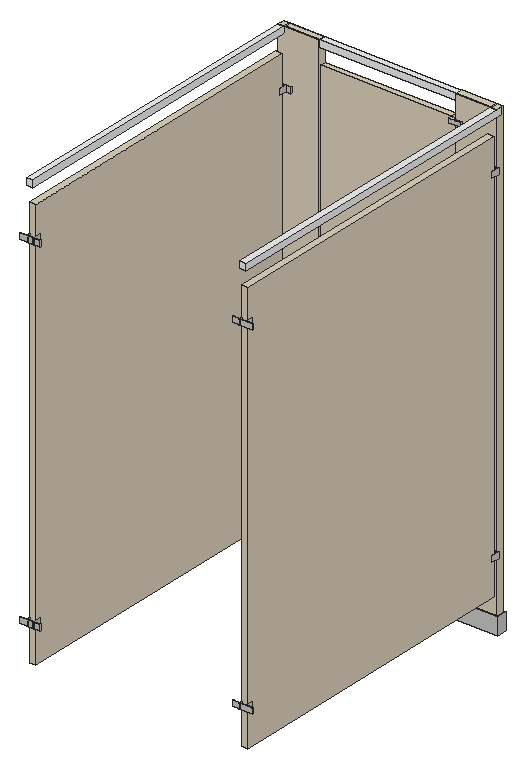
Revit family
Parameters (values of type "As Specified in 10 21 00")
  topoffset = 0' - 0 1/4"
  strkhdwr [instance] = not(or((End Panel_Strike Side), (Terminates at Wall_Strike Side)))  # no
  hngpnlconstrain [instance] = if((Terminates at Wall_Hinge Side), (Front Panel Width_Hinge Side - Reveal Clearance), (if((End Panel_Hinge Side), (Front Panel Width_Hinge Side + Panel Thickness + 0' 0 1/8"), (Front Panel Width_Hinge Side))))  # 0' - 7 1/8"
  hngpnl2 [instance] = if((Terminates at Wall_Strike Side), (Panel Thickness - Reveal Clearance - 0' 0 1/8"), (if((End Panel_Strike Side), (Panel Thickness + 0' 0 1/8"), (Panel Thickness))))  # 0' - 1 1/8"
  capoffset = 0' - 0 1/4"
  Warranty Duration (Years) = 0
  URL = "http://www.hadrian-inc.com"
  Type Comments = "Toilet Partition"
  Terminates at Wall_Strike Side [instance] = no
  Terminates at Wall_Hinge Side [instance] = no
  Stile Thickness = 0' - 1 1/4"
  Stall Width = 3' - 0"
  Stall Depth = 4' - 8"
  Return Rail - Strike Side [instance] = yes
  Return Rail - Hinge Side [instance] = yes
  Railthk = Stile Thickness - 0' 0 1/8"  # 0' - 1 1/8"
  Pilaster Height = 6' - 10"
  Panel Thickness = 0' - 1"
  Outswing [instance] = not(Inswing)  # no
  Inswing [instance] = yes
  Hinge Type [instance] = Hinge : Concealed
  Headrail Material = Aluminum - Extruded - Satin Anodized Finish
  Green Building-LEED = "http://www.arcat.com/green/clients/leed_data_32921.html"
  End Panel_Strike Side [instance] = not(Terminates at Wall_Strike Side)  # yes
  Front Panel Width_Strike Side = 0' - 6"
  Specification = "http://www.arcat.com/sd/clients/hadrian.html?coid=32921"
  SpecWizard = "http://www.arcat.com/specwizard/10160had/index.htm?mf=&coid=32921"
  Send Message = "http://www.arcat.com/users.pl?action=UserEmail&company=Hadrian%20Inc.&coid=32921&rep=119&fax=440-942-9618&mf="
  Sales Information = "http://www.hadrian-inc.com/salesagentlocator.aspx"
  Revision = "R1_12/2009"
  Reveal Clearance = 0' - 0 1/2"
  Product Properties = "http://www.arcat.com/bim/bim_info.pl?fn=Toilet-Partition_Hadrian_Headrail-Braced"
  Product Data = "http://www.arcat.com/arcatcos/cos32/arc32921.html"
  Panel Material [instance] = Solid Plastic - Color as Specified
  Model = "As Specified in 10 21 00"
  Manufacturer Website = "http://www.hadrian-inc.com"
  Manufacturer Phone = "440-942-9118"
  Manufacturer Fax = "440-942-9618"
  Manufacturer Address = "7420 Clover Ave.; Mentor, OH 44060\r\n"
  Manufacturer = "Hadrian Inc."
  Maintenance Schedule (Months) = 0
  Keynote = "10 21 00"
  Installation-Fabrication = "http://www.hadrian-inc.com/Common/downloads/pdfs/HeadrailStandard.pdf"
  Installation Phase = ""
  End Panel_Hinge Side [instance] = yes
  Front Panel Width_Hinge Side = Stall Width - Door Width - Front Panel Width_Strike Side  # 0' - 6"
  Hardware Finish [instance] = Stainless Steel - Type 304 #4 Brushed Finish
  Expected Lifespan (Years) = 0
  Drawn By = "Robert S. Weygant, CSI, CDT, SCIP"  # constant formula
  Door Width = 2' - 0"
  Door Thickness = 0' - 1"
  Door Height = 6' - 0"
  Distance from Floor to Panel = 0' - 6"
  Copyright = "2009, ARCAT, Inc."  # constant formula
  Description = "As Specified in 10 21 00"
  Construction Details = "http://www.arcat.com/details/hadrian/hadrian.html?coid=32921"
  Brackets_Vertical = 2
  Assembly Code = "C1010400"
Reference planes (in)
  plane 1: y = 26.56271
  plane 2 "Center (Left/Right)": x = 26.6528
  plane 3 "Left": x = 44.6528
  plane 4: x = 8.6528
  plane 5: y = 83.81271
  plane 6 "Back": y = 29.06271
  plane 7 "Right": x = 7.6528
  plane 8 "Front": y = 85.06271
  plane 9 "Bottom of panel": z = 6
  plane 10 "Top of panel": z = 78
  plane 11: x = 14.6528
  plane 12: x = 38.6528
  plane 13 "Top": z = 82
  plane 14 "Bottom Bracket": z = 12
  plane 15 "Top Bracket": z = 72
  plane 16 "Top Hinge": z = 74.75
  plane 17: y = 83.31271
  plane 18: y = 29.56271
  plane 19: z = 0
  plane 20: x = 7.5278
Forms (in)
  Extrusion 1, solid, material "Solid Plastic - Color as Specified" <- "Panel Material"
    sketch origin (0, 0, 0) x (1, 0, 0) y (0, 1, 0)
      loop
        line (7.5278, 85.06271) -> (7.5278, 83.81271) -> (14.6528, 83.81271) -> (14.6528, 85.06271) -> (7.5278, 85.06271)
    from 0 to 82
  Extrusion 2, solid, material "Stainless Steel - Type 304 #4 Brushed Finish" <- "Hardware Finish", detail levels medium+fine
    sketch origin (0, 85.06271, 0) x (-1, 0, 0) y (0, 0, 1)
      loop
        line (-13.1528, 33.97704) -> (-13.1528, 36.02296) -> (-15.6528, 36.02296) -> (-15.6528, 33.97704) -> (-13.1528, 33.97704)
    from 0 to 0.25
  Extrusion 3, solid, material "Solid Plastic - Color as Specified" <- "Panel Material"
    sketch origin (0, 0, 0) x (1, 0, 0) y (0, 1, 0)
      loop
        line (38.6528, 85.06271) -> (38.6528, 83.81271) -> (45.7778, 83.81271) -> (45.7778, 85.06271) -> (38.6528, 85.06271)
    from 0 to 82
  Extrusion 4, solid, material "Solid Plastic - Color as Specified" <- "Panel Material", visible <- "End Panel_Hinge Side"
    sketch origin (0, 0, 0) x (1, 0, 0) y (0, 1, 0)
      loop
        line (44.6528, 29.56271) -> (45.6528, 29.56271) -> (45.6528, 83.31271) -> (44.6528, 83.31271) -> (44.6528, 29.56271)
    from 6 to 78
  Extrusion 5, solid, material "Solid Plastic - Color as Specified" <- "Panel Material", visible <- "End Panel_Strike Side"
    sketch origin (0, 0, 0) x (1, 0, 0) y (0, 1, 0)
      loop
        line (7.6528, 29.56271) -> (8.6528, 29.56271) -> (8.6528, 83.31271) -> (7.6528, 83.31271) -> (7.6528, 29.56271)
    from 6 to 78
  Extrusion 6, solid, material "Solid Plastic - Color as Specified" <- "Panel Material"
    sketch origin (0, 85.06271, 0) x (-1, 0, 0) y (0, 0, 1)
      loop
        line (-38.4028, 6) -> (-14.9028, 6) -> (-14.9028, 78) -> (-38.4028, 78) -> (-38.4028, 6)
    from -1 to 0
  Extrusion 7, solid, material "Stainless Steel - Type 304 #4 Brushed Finish" <- "Hardware Finish", detail levels fine
    sketch origin (0, 85.06271, 78) x (-1, 0, 0) y (0, 0, 1)
      loop
        line (-14.9028, -78) -> (-7.2778, -78) -> (-7.2778, -75) -> (-14.9028, -75) -> (-14.9028, -78)
    from -1.49768 to 0.24505
  Extrusion 8, solid, material "Stainless Steel - Type 304 #4 Brushed Finish" <- "Hardware Finish", detail levels fine
    sketch origin (0, 85.06271, 79) x (-1, 0, 0) y (0, 0, 1)
      loop
        line (-46.0278, -79) -> (-38.4028, -79) -> (-38.4028, -76) -> (-46.0278, -76) -> (-46.0278, -79)
    from -1.49944 to 0.25923
  Extrusion 9, solid, material "Aluminum - Extruded - Satin Anodized Finish" <- "Headrail Material", detail levels fine
    sketch origin (26.6528, 0, -1.75) x (0, -1, 0) y (0, 0, 1)
      loop
        line (-85.00021, 82.625) -> (-83.87521, 82.625) -> (-83.87521, 83.75) -> (-85.00021, 83.75) -> (-85.00021, 82.625)
    from -18 to 18
  Extrusion 10, solid, material "Aluminum - Extruded - Satin Anodized Finish" <- "Headrail Material", visible <- "Return Rail - Strike Side", detail levels fine
    sketch origin (0, 85.06271, 0) x (-1, 0, 0) y (0, 0, 1)
      loop
        line (-8.6528, 80.875) -> (-7.5278, 80.875) -> (-7.5278, 82) -> (-8.6528, 82) -> (-8.6528, 80.875)
    from -56 to -0.3724
  Extrusion 11, solid, material "Aluminum - Extruded - Satin Anodized Finish" <- "Headrail Material", visible <- "Return Rail - Hinge Side", detail levels fine
    sketch origin (53.3056, 85.06271, 0) x (1, 0, 0) y (0, 0, -1)
      loop
        line (-8.6528, -80.875) -> (-8.6528, -82) -> (-7.5278, -82) -> (-7.5278, -80.875) -> (-8.6528, -80.875)
    from -56 to -0.3724
Lines and regions (in)
  symbolic lines
    curve 1: line (38.6528, 0, 78) -> (14.6528, 0, 42)
    curve 2: line (14.6528, 0, 42) -> (38.6528, 0, 6)
    curve 3: line (8.6528, 29.06271, 0) -> (7.6528, 29.06271, 0)
  symbolic lines, visible <- "Inswing"
    curve 4: line (38.6528, 83.81271, 0) -> (38.6528, 59.81271, 0)
    curve 5: line (38.6528, 59.81271, 0) -> (37.6528, 59.81271, 0)
    curve 6: line (37.6528, 59.81271, 0) -> (37.6528, 83.81271, 0)
    curve 7: line (37.6528, 83.81271, 0) -> (38.6528, 83.81271, 0)
  symbolic lines, style "Toilet Accessories-Dashed", visible <- "Inswing"
    curve 8: arc (14.6528, 83.81271, 0) -> (21.68224, 66.84214, 0) -> (38.6528, 59.81271, 0) r 24
  symbolic lines, visible <- "Outswing"
    curve 9: line (38.6528, 85.06271, 0) -> (38.6528, 109.06271, 0)
    curve 10: line (38.6528, 109.06271, 0) -> (37.6528, 109.06271, 0)
    curve 11: line (37.6528, 109.06271, 0) -> (37.6528, 85.06271, 0)
    curve 12: line (37.6528, 85.06271, 0) -> (38.6528, 85.06271, 0)
  symbolic lines, style "Toilet Accessories-Dashed", visible <- "Outswing"
    curve 13: arc (14.6528, 85.06271, 0) -> (21.68224, 102.03327, 0) -> (38.6528, 109.06271, 0) r 24
Text (in)
  text "Placement Side" at (0, 40.15149, 123.01588), in view "Right"
  text "Placement Side" at (-71.13158, 43.3951, 0), in view "Floor Line"
  text "Placement Side" at (0, 65.23256, 117.93067), in view "Left"
Dimensions and locks (in)
  "Stall Width": plane 4 to plane 3 "Left"
  "Door Height": plane 9 "Bottom of panel" to plane 10 "Top of panel"
  "Distance from Floor to Panel": host wall to plane 9 "Bottom of panel"
  equal spacing: plane 9 "Bottom of panel", curve 2, plane 10 "Top of panel"
  "Pilaster Height": level to plane 13 "Top"
  "Panel Thickness": plane 7 "Right" to plane 4
  "Panel Thickness": plane 3 "Left" to Extrusion 4 sketch curve
  locked: plane 12 to Extrusion 6 sketch curve at 0.25
  locked: plane 11 to Extrusion 6 sketch curve at 0.25
  locked: Extrusion 2 sketch curve to plane 11 at 1.5
  "Front Panel Width_Hinge Side": plane 12 to plane 3 "Left"
  "Door Width": plane 11 to plane 12
  locked: Extrusion 7 sketch curve to plane 11 at 0.25
  locked: Extrusion 8 sketch curve to plane 12 at 0.25
  equal spacing: plane 4, plane 2 "Center (Left/Right)", plane 3 "Left"
  locked: Extrusion 7 to plane 8 "Front" at 0.24505
  locked: Extrusion 7 to plane 5 at 0.24768
  "Door Thickness": curve 6 to plane 12
  group 1 to group 2 = 0' - 0"  (x2)
  group 1 to group 2 = 5' - 0"
  locked: plane 15 "Top Bracket" to plane 16 "Top Hinge" at 2.75
  locked: plane 15 "Top Bracket" to plane 10 "Top of panel" at 6
  locked: plane 9 "Bottom of panel" to plane 14 "Bottom Bracket" at 6
  "Reveal Clearance": plane 17 to plane 5
  "Reveal Clearance": plane 18 to plane 6 "Back"
  group 4 to group 3 = 0' - 0"
  group 3 to group 4 = 0' - 0"
  group 3 to group 4 = 5' - 0"
  Extrusion 8 to Extrusion 3 = 0' - 0.25923"
  Extrusion 8 to Extrusion 3 = 0' - 0.24944"
  locked: Extrusion 8 to Extrusion 3 at 0.25
  "Stile Thickness": plane 8 "Front" to plane 5
  "capoffset": Extrusion 3 to Extrusion 8
  "hngpnlconstrain": Extrusion 3 sketch curve to Extrusion 3 sketch curve
  "capoffset": Extrusion 7 to Extrusion 1
  group 5 to group 6 = 0' - 0"  (x2)
  group 5 to group 6 = 5' - 0"
  group 7 to group 8 = 0' - 0"
  group 8 to group 7 = 0' - 0"
  group 7 to group 8 = 5' - 0"
  group 9 to group 10 = 0' - 0"
  group 10 to group 9 = 0' - 0"
  group 9 to group 10 = 5' - 0"
  Extrusion 8 sketch curve to Extrusion 4 = 0' - 0 3/8"
  "hngpnl2": plane 20 to plane 4
  group 11 to group 12 = 0' - 0"
  group 12 to group 11 = 0' - 0"
  group 11 to group 12 = 5' - 0"
  "Stall Depth": plane 8 "Front" to plane 6 "Back"
  group 13 to group 14 = 0' - 0"  (x2)
  group 13 to group 14 = 5' - 0"
  locked: Extrusion 8 sketch curve to Extrusion 8 sketch curve at 3
  locked: Extrusion 7 sketch curve to Extrusion 7 sketch curve at 3
  plane 8 "Front" to Extrusion 9 sketch curve = 0' - 0 1/16"
  "Door Thickness": Extrusion 6 to Extrusion 6
  "Railthk": Extrusion 10 sketch curve to Extrusion 10 sketch curve  (x2)
  "Railthk": Extrusion 9 sketch curve to Extrusion 9 sketch curve  (x2)
  locked: plane 8 "Front" to Extrusion 10 at 0.3724
  locked: plane 8 "Front" to Extrusion 11 at 0.3724
  "Door Thickness": curve 11 to curve 9
  "Railthk": Extrusion 11 sketch curve to Extrusion 11 sketch curve  (x2)
  "Stile Thickness": Extrusion 3 sketch curve to Extrusion 3 sketch curve
  "Stall Depth": plane 6 "Back" to Extrusion 3 sketch curve
  locked: Extrusion 9 sketch curve to plane 5 at 0.0625
  aligned and locked: Extrusion 1 sketch curve to plane 8 "Front"
  aligned and locked: Extrusion 1 sketch curve to plane 5
  aligned and locked: Extrusion 1 sketch curve to plane 11
  aligned and locked: plane 13 "Top" to Extrusion 1
  aligned and locked: Extrusion 2 to plane 8 "Front"
  aligned and locked: plane 12 to Extrusion 3 sketch curve
  aligned and locked: plane 3 "Left" to Extrusion 4 sketch curve
  aligned and locked: plane 9 "Bottom of panel" to Extrusion 4
  aligned and locked: Extrusion 1 to Extrusion 3
  aligned and locked: Extrusion 5 to plane 10 "Top of panel"
  aligned and locked: plane 9 "Bottom of panel" to Extrusion 5
  aligned and locked: plane 10 "Top of panel" to Extrusion 6 sketch curve
  aligned and locked: curve 4 to plane 12
  aligned and locked: plane 8 "Front" to Extrusion 6
  aligned and locked: plane 7 "Right" to nested 1
  aligned and locked: nested 1 to plane 5  (x4)
  aligned and locked: plane 14 "Bottom Bracket" to nested 1
  aligned and locked: plane 15 "Top Bracket" to nested 2
  aligned and locked: plane 7 "Right" to nested 2
  aligned and locked: plane 5 to nested 1
  aligned and locked: plane 17 to Extrusion 5 sketch curve
  aligned and locked: Extrusion 5 sketch curve to plane 18
  aligned and locked: plane 18 to Extrusion 4 sketch curve
  aligned and locked: plane 17 to Extrusion 4 sketch curve
  aligned and locked: nested 3 to plane 5  (x2)
  aligned and locked: nested 3 to plane 3 "Left"
  aligned and locked: nested 3 to plane 14 "Bottom Bracket"
  aligned and locked: nested 4 to plane 15 "Top Bracket"
  aligned and locked: plane 5 to nested 3
  aligned and locked: plane 3 "Left" to nested 3
  aligned and locked: Extrusion 4 to plane 10 "Top of panel"
  aligned and locked: nested 5 to plane 4  (x3)
  aligned and locked: plane 6 "Back" to nested 5
  aligned and locked: nested 6 to plane 3 "Left"
  aligned and locked: nested 6 to plane 6 "Back"  (x3)
  aligned and locked: nested 6 to plane 14 "Bottom Bracket"
  aligned and locked: plane 14 "Bottom Bracket" to nested 5
  aligned and locked: plane 6 "Back" to nested 6  (x2)
  aligned and locked: nested 7 to plane 15 "Top Bracket"
  aligned and locked: nested 7 to plane 3 "Left"
  aligned and locked: nested 5 to plane 6 "Back"  (x4)
  aligned and locked: nested 8 to plane 3 "Left"
  aligned and locked: nested 8 to plane 8 "Front"  (x3)
  aligned and locked: plane 14 "Bottom Bracket" to nested 8
  aligned and locked: plane 15 "Top Bracket" to nested 9
  aligned and locked: nested 9 to plane 3 "Left"
  aligned and locked: plane 3 "Left" to nested 8
  aligned and locked: plane 7 "Right" to nested 5  (x2)
  aligned and locked: nested 7 to plane 6 "Back"
  aligned and locked: plane 6 "Back" to nested 7
  aligned and locked: plane 15 "Top Bracket" to nested 10
  aligned and locked: nested 10 to plane 4
  aligned and locked: plane 19 to level
  aligned and locked: Extrusion 1 to plane 20
  aligned and locked: plane 8 "Front" to nested 11  (x2)
  aligned and locked: nested 11 to plane 7 "Right"
  aligned and locked: nested 11 to plane 14 "Bottom Bracket"
  aligned and locked: nested 12 to plane 15 "Top Bracket"
  aligned and locked: nested 12 to plane 7 "Right"
  aligned and locked: nested 11 to plane 8 "Front"
  aligned and locked: plane 6 "Back" to host wall
  aligned and locked: plane 5 to nested 13
  aligned and locked: nested 13 to plane 5  (x2)
  aligned and locked: plane 14 "Bottom Bracket" to nested 13  (x2)
  aligned and locked: nested 13 to plane 14 "Bottom Bracket"
  aligned and locked: plane 7 "Right" to nested 13
  aligned and locked: plane 15 "Top Bracket" to nested 14  (x2)
  aligned and locked: nested 14 to plane 15 "Top Bracket"
  aligned and locked: plane 7 "Right" to nested 14
  aligned and locked: plane 5 to nested 14
  aligned and locked: plane 19 to Extrusion 1
  aligned and locked: plane 19 to Extrusion 3
  aligned and locked: plane 19 to Extrusion 8 sketch curve
  aligned and locked: plane 19 to Extrusion 7 sketch curve
  aligned and locked: Extrusion 10 to plane 6 "Back"
  aligned and locked: Extrusion 11 to plane 6 "Back"
  aligned and locked: nested 4 to plane 5
  aligned and locked: nested 9 to plane 5
  aligned and locked: plane 5 to nested 2
  aligned and locked: plane 5 to nested 12
  aligned and locked: nested 4 to plane 3 "Left"
  aligned and locked: curve 12 to plane 8 "Front"
  aligned and locked: plane 6 "Back" to nested 10
  aligned and locked: Extrusion 9 sketch curve to plane 13 "Top"
  aligned and locked: Extrusion 10 sketch curve to plane 13 "Top"
  aligned and locked: plane 13 "Top" to Extrusion 11 sketch curve
  aligned and locked: Extrusion 11 sketch curve to plane 3 "Left"
  aligned and locked: plane 3 "Left" to Extrusion 9
  aligned and locked: Extrusion 9 to plane 4
  aligned and locked: plane 20 to Extrusion 10 sketch curve
  aligned and locked: nested 15 to plane 12
  aligned and locked: plane 5 to nested 15
  aligned and locked: nested 15 to plane 9 "Bottom of panel"
Automatic sketch dimensions
  curve 3 to host wall = 0' - 0"
  curve 3 to plane 7 "Right" = 0' - 0"
  curve 3 to plane 4 = 0' - 0"
  plane 11 to Extrusion 2 sketch curve = 0' - 1"
  plane 14 "Bottom Bracket" to Extrusion 2 sketch curve = 1' - 9.97704"
  Extrusion 2 sketch curve to Extrusion 2 sketch curve = 0' - 2.04593"
  Extrusion 5 sketch curve to plane 7 "Right" = 0' - 0"
  Extrusion 5 sketch curve to plane 4 = 0' - 0"
  curve 1 to plane 10 "Top of panel" = 0' - 0"
  curve 2 to plane 9 "Bottom of panel" = 0' - 0"
  curve 1 to plane 11 = 0' - 0"
  curve 2 to plane 12 = 0' - 0"
  curve 1 to plane 12 = 0' - 0"
  Extrusion 1 sketch curve to plane 20 = 0' - 0"
  curve 8 to plane 5 = 0' - 0"
  curve 8 to plane 11 = 0' - 0"
  curve 6 to plane 5 = 0' - 0"
  Extrusion 7 sketch curve to plane 20 = 0' - 0 1/4"
  curve 13 to plane 8 "Front" = 0' - 0"
  curve 13 to plane 11 = 0' - 0"
  curve 12 to plane 12 = 0' - 0"
  Extrusion 6 sketch curve to plane 9 "Bottom of panel" = 0' - 0"
Nested families (in)
  nested 1: "Mounting Bracket" at (7.6528, 83.81271, 12), visible <- "strkhdwr", type "Common Mount"
    with panel thickness 0' - 1"
  nested 2: "Mounting Bracket" at (7.6528, 83.81271, 72), visible <- "strkhdwr", type "Common Mount"
    with panel thickness 0' - 1"
  nested 3: "Mounting Bracket" at (45.9028, 83.81271, 12) x (-1, 0, 0) z (0, 0, 1), visible <- "End Panel_Hinge Side", type "End Mount"
  nested 4: "Mounting Bracket" at (45.9028, 83.81271, 72) x (-1, 0, 0) z (0, 0, 1), visible <- "End Panel_Hinge Side", type "End Mount"
  nested 5: "Mounting Bracket" at (8.6528, 29.06271, 12) x (-1, 0, 0) z (0, 0, 1), visible <- "End Panel_Strike Side", type "Common Mount"
    with panel thickness 0' - 1"
  nested 6: "Mounting Bracket" at (44.6528, 29.06271, 12), visible <- "End Panel_Hinge Side", type "Common Mount"
    with panel thickness 0' - 1"
  nested 7: "Mounting Bracket" at (44.6528, 29.06271, 72), visible <- "End Panel_Hinge Side", type "Common Mount"
    with panel thickness 0' - 1"
  nested 8: "Mounting Bracket" at (44.6528, 85.06271, 12) x (0, -1, 0) z (0, 0, 1), visible <- "Terminates at Wall_Hinge Side", type "End Mount"
  nested 9: "Mounting Bracket" at (44.6528, 85.06271, 72) x (0, -1, 0) z (0, 0, 1), visible <- "Terminates at Wall_Hinge Side", type "End Mount"
  nested 10: "Mounting Bracket" at (8.6528, 29.06271, 72) x (-1, 0, 0) z (0, 0, 1), visible <- "End Panel_Strike Side", type "Common Mount"
    with panel thickness 0' - 1"
  nested 11: "Mounting Bracket" at (7.6528, 85.06271, 12) x (0, -1, 0) z (0, 0, 1), visible <- "Terminates at Wall_Strike Side", type "End Mount"
  nested 12: "Mounting Bracket" at (7.6528, 85.06271, 72) x (0, -1, 0) z (0, 0, 1), visible <- "Terminates at Wall_Strike Side", type "End Mount"
  nested 13: "Mounting Bracket" at (7.6528, 83.81271, 12), visible <- "End Panel_Strike Side", type "End Mount"
  nested 14: "Mounting Bracket" at (7.6528, 83.81271, 72), visible <- "End Panel_Strike Side", type "End Mount"
  nested 15: "Hinge" at (38.6528, 84.81271, 6) x (-1, 0, 0) z (0, 0, 1), Drht <- "Door Height", matl <- "Hardware Finish", Thk <- "Panel Thickness", type <- "Hinge Type", type "Concealed"
    with matl Stainless Steel - Type 304 #4 Brushed Finish, Thk 0' - 1", Drht 6' - 0"
Definition of nested family "Mounting Bracket"
  Parameters (values of type "Common Mount")
    panel thickness = 0' - 0 1/2"
    hdwr matl = none
    Surfmnt = yes
    Hdwr Height = 0' - 1"
    Assembly Code = ""
  Types (2): name | panel thickness | Surfmnt
    Common Mount | 0' - 0 1/2" | yes
    End Mount | 0' - 1" | no
  Reference planes (in)
    plane 1 "Center (Front/Back)": y = 0
    plane 2 "bottom": z = 0
    plane 3 "Center (Left/Right)": x = 0
    plane 4: y = -1.37133
    plane 5 "top": z = 1
    plane 6: y = -0.12324
  Forms (in)
    Extrusion 1, solid, material <- "hdwr matl"
      sketch origin (0, 0, 0) x (1, 0, 0) y (0, 1, 0)
        loop
          line (0, -1.37133) -> (0, -0.125) -> (0.5, -0.125) -> (0.5, -1.37133) -> (0.625, -1.37133) -> (0.625, -0.12324) -> (2.25, -0.12324) -> (2.25, 0) -> (-0.125, 0) -> (-0.125, -1.37133) -> (0, -1.37133)
      from 0 to 1
    Extrusion 2, solid, material <- "hdwr matl", visible <- "Surfmnt"
      sketch origin (0, 0, 0) x (1, 0, 0) y (0, 1, 0)
        loop
          line (0, 0) -> (-1.25, 0) -> (-1.25, -0.125) -> (0, -0.125) -> (0, 0)
      from 0 to 1
  Dimensions and locks (in)
    "panel thickness": Extrusion 1 sketch curve to Extrusion 1 sketch curve
    locked: Extrusion 1 sketch curve to Extrusion 1 sketch curve at 0.125  (x2)
    locked: plane 4 to plane 1 "Center (Front/Back)" at 1.37133
    locked: Extrusion 1 sketch curve to Extrusion 1 sketch curve at 2.375
    locked: Extrusion 2 sketch curve to Extrusion 2 sketch curve at 0.125
    locked: Extrusion 2 sketch curve to Extrusion 2 sketch curve at 1.25
    "Hdwr Height": plane 5 "top" to plane 2 "bottom"
    locked: plane 6 to plane 1 "Center (Front/Back)" at 0.12324
    "panel thickness": Extrusion 1 to Extrusion 1
    aligned and locked: plane 3 "Center (Left/Right)" to Extrusion 1 sketch curve
    aligned and locked: Extrusion 1 sketch curve to plane 1 "Center (Front/Back)"
    aligned and locked: Extrusion 1 sketch curve to plane 4  (x2)
    aligned and locked: Extrusion 2 sketch curve to plane 1 "Center (Front/Back)"
    aligned and locked: plane 3 "Center (Left/Right)" to Extrusion 2 sketch curve
    aligned and locked: plane 5 "top" to Extrusion 1
    aligned and locked: plane 5 "top" to Extrusion 2
    aligned and locked: Extrusion 1 to plane 2 "bottom"
    aligned and locked: Extrusion 2 to plane 2 "bottom"
  Automatic sketch dimensions
    plane 1 "Center (Front/Back)" to Extrusion 1 sketch curve = 0' - 0.12324"
    plane 1 "Center (Front/Back)" to Extrusion 1 sketch curve = 0' - 0 1/8"
Definition of nested family "Hinge"
  Parameters (values of type "Wrap Around")
    wdth = 0' - 2"
    matl [instance] = Chrome
    Thk [instance] = 0' - 0 3/4"
    Drht [instance] = 6' - 0"
    Concealed = no
  Types (4): name | Thk | Drht | Concealed
    (no name) | 0' - 0 3/4" | 6' - 0" | no
    Concealed | 0' - 3.24809" | 5' - 11 113/128" | yes
    Continuous | 0' - 3.24809" | 5' - 11 113/128" | no
    Wrap Around | 0' - 0 3/4" | 6' - 0" | no
  Reference planes (in)
    plane 1 "Center (Front/Back)": y = 0
    plane 2: z = 0
    plane 3 "Center (Left/Right)": x = 0
    plane 4: z = 72
    plane 5: y = 0.75
  Forms (in)
    Extrusion 1, solid, material "Chrome" <- "matl", visible <- "Concealed"
      sketch origin (0, 0, 0) x (1, 0, 0) y (0, 0, 1)
        loop
          line (-1, 72) -> (-1, 71.25) -> (1, 71.25) -> (1, 72) -> (-1, 72)
        loop
          line (-1, 0) -> (1, 0) -> (1, 0.75) -> (-1, 0.75) -> (-1, 0)
      from -1.01002 to 0.26068
  Dimensions and locks (in)
    "Drht": plane 4 to plane 2
    equal spacing: Extrusion 1 sketch curve, plane 3 "Center (Left/Right)", Extrusion 1 sketch curve  (x2)
    "wdth": Extrusion 1 sketch curve to Extrusion 1 sketch curve  (x2)
    locked: Extrusion 1 sketch curve to Extrusion 1 sketch curve at 0.75  (x2)
    "Thk": plane 1 "Center (Front/Back)" to plane 5
    locked: Extrusion 1 to plane 1 "Center (Front/Back)" at 0.26068
    locked: Extrusion 1 to plane 5 at 0.26002
  Automatic sketch dimensions
    Extrusion 1 sketch curve to level = 0' - 0"
    Extrusion 1 sketch curve to plane 4 = 0' - 0"
